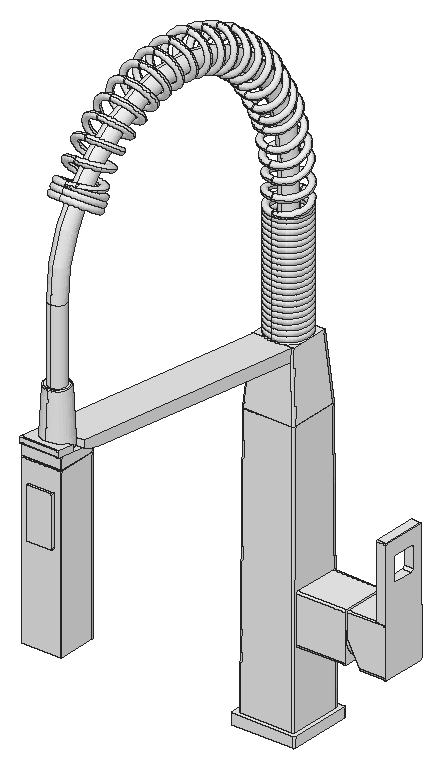
Revit family "xFaucet-Kitchen-Grohe-Eurocube-31401_Series", category Plumbing Fixtures, Revit 2014
Parameters (values of type "31401000")
  cUPC Compliant = yes
  Waste Connection = no
  Warranty Documentation Link = "https://cdn.cloud.grohe.com/tpi/1000/1900/1940/1949/1949006/original/1949006.pdf"
  WFU = 0
  Vent Connection = no
  URL = "http://www.grohe.com"
  Shipping Weight = 11.10 lbf
  Product Page URL = "https://www.grohe.com/us/32440/kitchen/kitchen-faucets/eurocube/product-details/?product=31401-G318&color=000&material=31401000"
  Price = "Prices may vary. Please consult Manufacturer Representative for most up-to-date price list."  # constant formula
  Model = "31401000"
  Material = "Metal-Grohe-000-Chrome"
  Manufacturer = "Grohe"
  Length = 9 3/16"  # constant formula
  Installation Type = "Deck-Mounted"
  Hot Water Connection Diameter = 3/8"  # constant formula
  Height = 21 9/16"  # constant formula
  HWFU = 1.5
  HW Connection = yes
  Flow Rate = "1.75 gpm (6.6 L/min)"
  Finish = Metal-Grohe-000-Chrome
  Description = "Eurocube Single-lever sink mixer 1/2\""
  Default Elevation = 0"
  Creation Date = "02/15/2017"  # constant formula
  Cold Water Connection Diameter = 3/8"
  CalGreen Compliant = yes
  CWFU = 1.5
  CW Connection = yes
  Assembly Code = "D2020300"
  ADA Compliant = yes
Reference planes (in)
  plane 1 "Center (Front/Back)": y = 0
  plane 2: z = 0
  plane 3 "Center (Left/Right)": x = 0
  plane 4: y = -9.1875
  plane 5: y = -8.9308
  plane 6: x = -0.87055
  plane 7: x = 0.87055
  plane 8: y = 0.875
  plane 9: x = -0.82682
  plane 10: x = 0.82682
  plane 11: x = -0.82682
  plane 12: x = -0.82682
  plane 13: y = 0.66934
  plane 14: y = -0.66934
  plane 15: y = -9.48198
  plane 16: y = 0.58287
  plane 17: y = -0.58859
  plane 18: y = -9.8125
  plane 19: y = -8.5625
  plane 20: y = -8.934
  plane 21: y = -9.441
  plane 22: z = 4.29134
  plane 23: z = 2.71654
  plane 24: z = 3.50116
  plane 25: y = -0.66415
  plane 26: y = 0.66415
  plane 27: z = 6.6753
  plane 28: z = 21.5625
  plane 29: y = -9.1875
  plane 30: z = 6.25
Forms (in)
  Revolve 1, solid, material "Metal-Grohe-000-Chrome" <- "Finish"
    sketch origin (0, 0, 0) x (0, 1, 0) y (0, 0, 1)
      loop
        line (-9.1875, 13.62712) -> (-9.54031, 13.62712)
        arc (-9.54031, 13.62712) -> (-9.55874, 13.61977) -> (-9.56704, 13.60175) r 0.02677
        line (-9.56704, 13.60175) -> (-9.65373, 11.94775)
        arc (-9.65373, 11.94775) -> (-9.64763, 11.93121) -> (-9.63143, 11.92425) r 0.02233
        line (-9.63143, 11.92425) -> (-9.1875, 11.92425) -> (-9.1875, 13.62712)
      loop
        line (-9.441, 6.25) -> (-9.1875, 6.25) -> (-9.1875, 7.46786) -> (-9.441, 7.46786) -> (-9.441, 6.25)
      axis (-9.1875, 13.62712) -> (-9.1875, 6.25)
    angle from 0 to 360
  Revolve 2, solid, material "Metal-Grohe-000-Chrome" <- "Finish"
    sketch origin (0, 0, 0) x (0, 1, 0) y (0, 0, 1)
      loop
        line (-0.65275, 11.07874) -> (-0.5023, 11.07874)
        arc (-0.5023, 11.07874) -> (-0.52172, 11.10016) -> (-0.54693, 11.11433) r 0.09019
        arc (-0.54693, 11.11433) -> (-0.48776, 11.19901) -> (-0.54693, 11.2837) r 0.09019
        arc (-0.54693, 11.2837) -> (-0.48776, 11.36838) -> (-0.54693, 11.45307) r 0.09019
        arc (-0.54693, 11.45307) -> (-0.48776, 11.53775) -> (-0.54693, 11.62244) r 0.09019
        arc (-0.54693, 11.62244) -> (-0.48776, 11.70712) -> (-0.54693, 11.7918) r 0.09019
        arc (-0.54693, 11.7918) -> (-0.48776, 11.87649) -> (-0.54693, 11.96117) r 0.09019
        arc (-0.54693, 11.96117) -> (-0.48776, 12.04586) -> (-0.54693, 12.13054) r 0.09019
        arc (-0.54693, 12.13054) -> (-0.48776, 12.21523) -> (-0.54693, 12.29991) r 0.09019
        arc (-0.54693, 12.29991) -> (-0.48776, 12.3846) -> (-0.54693, 12.46928) r 0.09019
        arc (-0.54693, 12.46928) -> (-0.48776, 12.55396) -> (-0.54693, 12.63865) r 0.09019
        arc (-0.54693, 12.63865) -> (-0.48776, 12.72333) -> (-0.54693, 12.80802) r 0.09019
        arc (-0.54693, 12.80802) -> (-0.48776, 12.8927) -> (-0.54693, 12.97739) r 0.09019
        arc (-0.54693, 12.97739) -> (-0.48776, 13.06207) -> (-0.54693, 13.14676) r 0.09019
        arc (-0.54693, 13.14676) -> (-0.48776, 13.23144) -> (-0.54693, 13.31613) r 0.09019
        arc (-0.54693, 13.31613) -> (-0.48776, 13.40081) -> (-0.54693, 13.48549) r 0.09019
        arc (-0.54693, 13.48549) -> (-0.48776, 13.57018) -> (-0.54693, 13.65486) r 0.09019
        arc (-0.54693, 13.65486) -> (-0.48776, 13.73955) -> (-0.54693, 13.82423) r 0.09019
        arc (-0.54693, 13.82423) -> (-0.48776, 13.90892) -> (-0.54693, 13.9936) r 0.09019
        arc (-0.54693, 13.9936) -> (-0.48776, 14.07829) -> (-0.54693, 14.16297) r 0.09019
        arc (-0.54693, 14.16297) -> (-0.48776, 14.24765) -> (-0.54693, 14.33234) r 0.09019
        arc (-0.54693, 14.33234) -> (-0.48776, 14.41702) -> (-0.54693, 14.50171) r 0.09019
        arc (-0.54693, 14.50171) -> (-0.49222, 14.55839) -> (-0.50292, 14.63643) r 0.09019
        arc (-0.50292, 14.63643) -> (-0.57671, 14.77791) -> (-0.6517, 14.63706) r 0.09019
        arc (-0.6517, 14.63706) -> (-0.66294, 14.55875) -> (-0.60812, 14.50171) r 0.09019
        arc (-0.60812, 14.50171) -> (-0.66728, 14.41702) -> (-0.60812, 14.33234) r 0.09019
        arc (-0.60812, 14.33234) -> (-0.66728, 14.24765) -> (-0.60812, 14.16297) r 0.09019
        arc (-0.60812, 14.16297) -> (-0.66728, 14.07829) -> (-0.60812, 13.9936) r 0.09019
        arc (-0.60812, 13.9936) -> (-0.66728, 13.90892) -> (-0.60812, 13.82423) r 0.09019
        arc (-0.60812, 13.82423) -> (-0.66728, 13.73955) -> (-0.60812, 13.65486) r 0.09019
        arc (-0.60812, 13.65486) -> (-0.66728, 13.57018) -> (-0.60812, 13.48549) r 0.09019
        arc (-0.60812, 13.48549) -> (-0.66728, 13.40081) -> (-0.60812, 13.31613) r 0.09019
        arc (-0.60812, 13.31613) -> (-0.66728, 13.23144) -> (-0.60812, 13.14676) r 0.09019
        arc (-0.60812, 13.14676) -> (-0.66728, 13.06207) -> (-0.60812, 12.97739) r 0.09019
        arc (-0.60812, 12.97739) -> (-0.66728, 12.8927) -> (-0.60812, 12.80802) r 0.09019
        arc (-0.60812, 12.80802) -> (-0.66728, 12.72333) -> (-0.60812, 12.63865) r 0.09019
        arc (-0.60812, 12.63865) -> (-0.66728, 12.55396) -> (-0.60812, 12.46928) r 0.09019
        arc (-0.60812, 12.46928) -> (-0.66728, 12.3846) -> (-0.60812, 12.29991) r 0.09019
        arc (-0.60812, 12.29991) -> (-0.66728, 12.21523) -> (-0.60812, 12.13054) r 0.09019
        arc (-0.60812, 12.13054) -> (-0.66728, 12.04586) -> (-0.60812, 11.96117) r 0.09019
        arc (-0.60812, 11.96117) -> (-0.66728, 11.87649) -> (-0.60812, 11.7918) r 0.09019
        arc (-0.60812, 11.7918) -> (-0.66728, 11.70712) -> (-0.60812, 11.62244) r 0.09019
        arc (-0.60812, 11.62244) -> (-0.66728, 11.53775) -> (-0.60812, 11.45307) r 0.09019
        arc (-0.60812, 11.45307) -> (-0.66728, 11.36838) -> (-0.60812, 11.2837) r 0.09019
        arc (-0.60812, 11.2837) -> (-0.66728, 11.19901) -> (-0.60812, 11.11433) r 0.09019
        arc (-0.60812, 11.11433) -> (-0.63332, 11.10016) -> (-0.65275, 11.07874) r 0.09019
      axis (0, 14.63706) -> (0, 11.07874)
    angle from 0 to 360
  Extrusion 3, solid, material "Metal-Grohe-000-Chrome" <- "Finish"
    sketch origin (0, 0, 0) x (1, 0, 0) y (0, 1, 0)
      loop
        arc (-0.96043, 1.01936) -> (-1.00459, 1.00107) -> (-1.02289, 0.9569) r 0.06246
        line (-1.02289, 0.9569) -> (-1.02289, -0.96391)
        arc (-1.02289, -0.96391) -> (-1.00458, -1.0081) -> (-0.96039, -1.02641) r 0.0625
        line (-0.96039, -1.02641) -> (0.96048, -1.02641)
        arc (0.96048, -1.02641) -> (1.00467, -1.0081) -> (1.02298, -0.96391) r 0.0625
        line (1.02298, -0.96391) -> (1.02289, 0.9569)
        arc (1.02289, 0.9569) -> (1.00459, 1.00107) -> (0.96043, 1.01936) r 0.06246
        line (0.96043, 1.01936) -> (-0.96043, 1.01936)
    from 0 to 0.31496
  Blend 4, solid, material "Metal-Grohe-000-Chrome" <- "Finish"
    base sketch origin (0, 0, 0) x (1, 0, 0) y (0, 1, 0)
      loop
        arc (-0.80633, 0.875) -> (-0.85174, 0.85619) -> (-0.87055, 0.81079) r 0.06421
        line (-0.87055, 0.81079) -> (-0.87055, -0.81144)
        arc (-0.87055, -0.81144) -> (-0.85193, -0.85638) -> (-0.80699, -0.875) r 0.06356
        line (-0.80699, -0.875) -> (0.80662, -0.875)
        arc (0.80662, -0.875) -> (0.85182, -0.85628) -> (0.87055, -0.81107) r 0.06393
        line (0.87055, -0.81107) -> (0.87055, 0.81101)
        arc (0.87055, 0.81101) -> (0.85181, 0.85626) -> (0.80656, 0.875) r 0.06399
        line (0.80656, 0.875) -> (-0.80633, 0.875)
    top sketch origin (0, 0, 0) x (1, 0, 0) y (0, 1, 0)
      loop
        arc (-0.76432, 0.81079) -> (-0.80852, 0.79248) -> (-0.82682, 0.74829) r 0.0625
        line (-0.82682, 0.74829) -> (-0.82682, -0.74894)
        arc (-0.82682, -0.74894) -> (-0.80852, -0.79313) -> (-0.76432, -0.81144) r 0.0625
        line (-0.76432, -0.81144) -> (0.76432, -0.81144)
        arc (0.76432, -0.81144) -> (0.80852, -0.79313) -> (0.82682, -0.74894) r 0.0625
        line (0.82682, -0.74894) -> (0.82682, 0.74829)
        arc (0.82682, 0.74829) -> (0.80852, 0.79248) -> (0.76432, 0.81079) r 0.0625
        line (0.76432, 0.81079) -> (-0.76432, 0.81079)
    from 0.11873 to 8.97638
  Blend 5, solid, material "Metal-Grohe-000-Chrome" <- "Finish"
    base sketch origin (0, 0, 0) x (1, 0, 0) y (0, 1, 0)
      loop
        line (0.76432, 0.81079) -> (-0.76432, 0.81079)
        arc (-0.76432, 0.81079) -> (-0.80852, 0.79248) -> (-0.82682, 0.74829) r 0.0625
        line (-0.82682, 0.74829) -> (-0.82682, -0.74894)
        arc (-0.82682, -0.74894) -> (-0.80852, -0.79313) -> (-0.76432, -0.81144) r 0.0625
        line (-0.76432, -0.81144) -> (0.76432, -0.81144)
        arc (0.76432, -0.81144) -> (0.80852, -0.79313) -> (0.82682, -0.74894) r 0.0625
        line (0.82682, -0.74894) -> (0.82682, 0.74829)
        arc (0.82682, 0.74829) -> (0.80852, 0.79248) -> (0.76432, 0.81079) r 0.0625
    top sketch origin (0, 0, 0) x (1, 0, 0) y (0, 1, 0)
      loop
        arc (-0.59375, 0.66934) -> (-0.63794, 0.65104) -> (-0.65625, 0.60684) r 0.0625
        line (-0.65625, 0.60684) -> (-0.65625, -0.60684)
        arc (-0.65625, -0.60684) -> (-0.63794, -0.65104) -> (-0.59375, -0.66934) r 0.0625
        line (-0.59375, -0.66934) -> (0.59479, -0.66934)
        arc (0.59479, -0.66934) -> (0.63825, -0.65134) -> (0.65625, -0.60788) r 0.06146
        line (0.65625, -0.60788) -> (0.65625, 0.60684)
        arc (0.65625, 0.60684) -> (0.63794, 0.65104) -> (0.59375, 0.66934) r 0.0625
        line (0.59375, 0.66934) -> (-0.59375, 0.66934)
    from 9 to 11.07874
  Extrusion 6, solid, material "Metal-Grohe-000-Chrome" <- "Finish"
    sketch origin (0, 0, 0) x (1, 0, 0) y (0, 1, 0)
      loop
        line (-0.74476, 0.7451) -> (-0.74476, -0.75) -> (0.75524, -0.75) -> (0.75524, 0.7451) -> (-0.74476, 0.7451)
    from 8.8842 to 9.12494
  Extrusion 7, solid, material "Metal-Grohe-000-Chrome" <- "Finish"
    sketch origin (0, 0, 0.3283) x (0, 1, 0) y (0, 0, 1)
      loop
        arc (-9.87211, 11.88982) -> (-9.88638, 11.88538) -> (-9.89252, 11.87176) r 0.0182
        line (-9.89252, 11.87176) -> (-9.89252, 11.71727)
        arc (-9.89252, 11.71727) -> (-9.88531, 11.6982) -> (-9.86735, 11.6881) r 0.02883
        line (-9.86735, 11.6881) -> (-8.94879, 11.57305)
        arc (-8.94879, 11.57305) -> (-8.62915, 11.41949) -> (-8.28407, 11.33784) r 1.6487
        line (-8.28407, 11.33784) -> (-0.00714, 10.30113) -> (-0.00714, 10.67855) -> (-9.87211, 11.88982)
    from -0.6119 to 0.6119
  Sweep 8, solid, material "Metal-Grohe-000-Chrome" <- "Finish"
    path origin (0, 0, 0.27001) x (0, 1, 0) y (0, 0, 1)
      loop
        line (0, 10.5) -> (0, 15.71552)
        arc (0, 15.71552) -> (-4.59375, 20.30927) -> (-9.1875, 15.71552) r 4.59375
        line (-9.1875, 15.71552) -> (-9.1875, 13.02559)
    profile origin (0, 0, 13.37777) x (0, -1, 0) y (1, 0, 0)
      loop
        circle (0, 0) r 0.26576
  Sweep 9, solid, material "Metal-Grohe-000-Chrome" <- "Finish"
    path origin (0, -3.24598, 0.98352) x (-1, 0, 0) y (0, -0.97437, 0.224951)
      loop
        arc (0, -0.59705) -> (0.59705, 0) -> (0, 0.59705) r 0.59705
    profile origin (-0.59705, -3.24598, 0.98352) x (1, 0, 0) y (0, 0.224951, 0.97437)
      loop
        circle (-0.00408, 14.41702) r 0.08874
  Sweep 10, solid, material "Metal-Grohe-000-Chrome" <- "Finish"
    path origin (0, 2.50608, 1.07176) x (1, 0, 0) y (0, 0.984808, 0.173648)
      loop
        arc (0, 0.59705) -> (0.59705, 0) -> (0, -0.59705) r 0.59705
    profile origin (0.59705, 2.50608, 1.07176) x (1, 0, 0) y (0, -0.173648, 0.984808)
      loop
        circle (0.00408, 14.41702) r 0.08874
  Sweep 11, solid, material "Metal-Grohe-000-Chrome" <- "Finish"
    path origin (0, 2.49433, 0.59126) x (1, 0, 0) y (0, 0.984808, 0.173648)
      loop
        arc (0, 0.59705) -> (0.58525, 0.0118) -> (0, -0.57345) r 0.58525
    profile origin (0.58525, 2.50595, 0.59331) x (1, 0, 0) y (0, -0.173648, 0.984808)
      loop
        circle (0.00408, 14.41702) r 0.08874
  Sweep 12, solid, material "Metal-Grohe-000-Chrome" <- "Finish"
    path origin (0, -3.23461, 1.46185) x (-1, 0, 0) y (0, -0.97437, 0.224951)
      loop
        arc (0, -0.59705) -> (0.59705, 0) -> (0, 0.59705) r 0.59705
    profile origin (-0.59705, -3.23461, 1.46185) x (1, 0, 0) y (0, 0.224951, 0.97437)
      loop
        circle (-0.00408, 14.41702) r 0.08874
  Sweep 13, solid, material "Metal-Grohe-000-Chrome" <- "Finish"
    path origin (0, 5.83584, 2.71879) x (1, 0, 0) y (0, 0.913545, 0.406737)
      loop
        arc (0, 0.59705) -> (0.59705, 0) -> (0, -0.59705) r 0.59705
    profile origin (0.59705, 5.83584, 2.71879) x (1, 0, 0) y (0, -0.406737, 0.913545)
      loop
        circle (0.00408, 14.41702) r 0.08874
  Sweep 14, solid, material "Metal-Grohe-000-Chrome" <- "Finish"
    path origin (0, -0.08485, 1.71664) x (-1, 0, 0) y (0, -1, 0.000356)
      loop
        arc (0, -0.59705) -> (0.59705, 0) -> (0, 0.59705) r 0.59705
    profile origin (-0.59705, -0.08485, 1.71664) x (1, 0, 0) y (0, 0.000356, 1)
      loop
        circle (-0.00408, 14.41702) r 0.08874
  Sweep 15, solid, material "Metal-Grohe-000-Chrome" <- "Finish"
    path origin (0, 5.73226, 3.20691) x (1, 0, 0) y (0, 0.913545, 0.406737)
      loop
        arc (0, 0.59705) -> (0.59705, 0) -> (0, -0.59705) r 0.59705
    profile origin (0.59705, 5.73226, 3.20691) x (1, 0, 0) y (0, -0.406737, 0.913545)
      loop
        circle (0.00408, 14.41702) r 0.08874
  Sweep 16, solid, material "Metal-Grohe-000-Chrome" <- "Finish"
    path origin (0, -0.18864, 2.20618) x (-1, 0, 0) y (0, -1, 0.000356)
      loop
        arc (0, -0.59705) -> (0.59705, 0) -> (0, 0.59705) r 0.59705
    profile origin (-0.59705, -0.18864, 2.20618) x (1, 0, 0) y (0, 0.000356, 1)
      loop
        circle (-0.00408, 14.41702) r 0.08874
  Sweep 17, solid, material "Metal-Grohe-000-Chrome" <- "Finish"
    path origin (0, -0.36194, 2.82364) x (-1, 0, 0) y (0, -1, 0.000356)
      loop
        arc (0, -0.59705) -> (0.59705, 0) -> (0, 0.59705) r 0.59705
    profile origin (-0.59705, -0.36194, 2.82364) x (1, 0, 0) y (0, 0.000356, 1)
      loop
        circle (-0.00408, 14.41702) r 0.08874
  Sweep 18, solid, material "Metal-Grohe-000-Chrome" <- "Finish"
    path origin (0, 6.98258, 5.19283) x (1, 0, 0) y (0, 0.857167, 0.515038)
      loop
        arc (0, 0.59705) -> (0.59705, 0) -> (0, -0.59705) r 0.59705
    profile origin (0.59705, 6.98258, 5.19283) x (1, 0, 0) y (0, -0.515038, 0.857167)
      loop
        circle (0.00408, 14.41702) r 0.08874
  Sweep 19, solid, material "Metal-Grohe-000-Chrome" <- "Finish"
    path origin (0, 2.72423, 3.67637) x (-1, 0, 0) y (0, -0.97445, -0.224604)
      loop
        arc (0, -0.59705) -> (0.59705, 0) -> (0, 0.59705) r 0.59705
    profile origin (-0.59705, 2.72423, 3.67637) x (1, 0, 0) y (0, -0.224604, 0.97445)
      loop
        circle (-0.00408, 14.41702) r 0.08874
  Sweep 20, solid, material "Metal-Grohe-000-Chrome" <- "Finish"
    path origin (0, 3.43175, 4.42637) x (-1, 0, 0) y (0, -0.956409, -0.292031)
      loop
        arc (0, -0.59705) -> (0.59705, 0) -> (0, 0.59705) r 0.59705
    profile origin (-0.59705, 3.43175, 4.42637) x (1, 0, 0) y (0, -0.292031, 0.956409)
      loop
        circle (-0.00408, 14.41702) r 0.08874
  Sweep 21, solid, material "Metal-Grohe-000-Chrome" <- "Finish"
    path origin (0, 7.15416, 4.57434) x (1, 0, 0) y (0, 0.857167, 0.515038)
      loop
        arc (0, 0.59705) -> (0.59705, 0) -> (0, -0.59705) r 0.59705
    profile origin (0.59705, 7.15416, 4.57434) x (1, 0, 0) y (0, -0.515038, 0.857167)
      loop
        circle (0.00408, 14.41702) r 0.08874
  Sweep 22, solid, material "Metal-Grohe-000-Chrome" <- "Finish"
    path origin (0, 8.95629, 7.24153) x (1, 0, 0) y (0, 0.745558, 0.66644)
      loop
        arc (0, 0.59705) -> (0.59705, 0) -> (0, -0.59705) r 0.59705
    profile origin (0.59705, 8.95629, 7.24153) x (1, 0, 0) y (0, -0.66644, 0.745558)
      loop
        circle (0.00408, 14.41702) r 0.08874
  Sweep 23, solid, material "Metal-Grohe-000-Chrome" <- "Finish"
    path origin (0, 9.2658, 8.26974) x (1, 0, 0) y (0, 0.707107, 0.707107)
      loop
        arc (0, 0.59705) -> (0.59705, 0) -> (0, -0.59705) r 0.59705
    profile origin (0.59705, 9.2658, 8.26974) x (1, 0, 0) y (0, -0.707107, 0.707107)
      loop
        circle (0.00408, 14.41702) r 0.08874
  Sweep 24, solid, material "Metal-Grohe-000-Chrome" <- "Finish"
    path origin (0, 3.13194, 4.92502) x (-1, 0, 0) y (0, -0.956409, -0.292031)
      loop
        arc (0, -0.59705) -> (0.59705, 0) -> (0, 0.59705) r 0.59705
    profile origin (-0.59705, 3.13194, 4.92502) x (1, 0, 0) y (0, -0.292031, 0.956409)
      loop
        circle (-0.00408, 14.41702) r 0.08874
  Sweep 25, solid, material "Metal-Grohe-000-Chrome" <- "Finish"
    path origin (0, 8.96624, 8.76872) x (1, 0, 0) y (0, 0.707107, 0.707107)
      loop
        arc (0, 0.59705) -> (0.59705, 0) -> (0, -0.59705) r 0.59705
    profile origin (0.59705, 8.96624, 8.76872) x (1, 0, 0) y (0, -0.707107, 0.707107)
      loop
        circle (0.00408, 14.41702) r 0.08874
  Sweep 26, solid, material "Metal-Grohe-000-Chrome" <- "Finish"
    path origin (0, 4.27118, 5.88036) x (-1, 0, 0) y (0, -0.920644, -0.390403)
      loop
        arc (0, -0.59705) -> (0.59705, 0) -> (0, 0.59705) r 0.59705
    profile origin (-0.59705, 4.27118, 5.88036) x (1, 0, 0) y (0, -0.390403, 0.920644)
      loop
        circle (-0.00408, 14.41702) r 0.08874
  Sweep 27, solid, material "Metal-Grohe-000-Chrome" <- "Finish"
    path origin (0, 10.50756, 11.5708) x (1, 0, 0) y (0, 0.544639, 0.838671)
      loop
        arc (0, 0.59705) -> (0.59705, 0) -> (0, -0.59705) r 0.59705
    profile origin (0.59705, 10.50756, 11.5708) x (1, 0, 0) y (0, -0.838671, 0.544639)
      loop
        circle (0.00408, 14.41702) r 0.08874
  Sweep 28, solid, material "Metal-Grohe-000-Chrome" <- "Finish"
    path origin (0, 6.08704, 7.50485) x (-1, 0, 0) y (0, -0.838865, -0.54434)
      loop
        arc (0, -0.59705) -> (0.59705, 0) -> (0, 0.59705) r 0.59705
    profile origin (-0.59705, 6.08704, 7.50485) x (1, 0, 0) y (0, -0.54434, 0.838865)
      loop
        circle (-0.00408, 14.41702) r 0.08874
  Sweep 29, solid, material "Metal-Grohe-000-Chrome" <- "Finish"
    path origin (0, 10.74649, 13.03336) x (1, 0, 0) y (0, 0.469472, 0.882948)
      loop
        arc (0, 0.59705) -> (0.59705, 0) -> (0, -0.59705) r 0.59705
    profile origin (0.59705, 10.74649, 13.03336) x (1, 0, 0) y (0, -0.882948, 0.469472)
      loop
        circle (0.00408, 14.41702) r 0.08874
  Sweep 30, solid, material "Metal-Grohe-000-Chrome" <- "Finish"
    path origin (0, 6.79288, 8.66759) x (-1, 0, 0) y (0, -0.783161, -0.621819)
      loop
        arc (0, -0.59705) -> (0.59705, 0) -> (0, 0.59705) r 0.59705
    profile origin (-0.59705, 6.79288, 8.66759) x (1, 0, 0) y (0, -0.621819, 0.783161)
      loop
        circle (-0.00408, 14.41702) r 0.08874
  Sweep 31, solid, material "Metal-Grohe-000-Chrome" <- "Finish"
    path origin (0, 10.94938, 14.7407) x (1, 0, 0) y (0, 0.374607, 0.927184)
      loop
        arc (0, 0.59705) -> (0.59705, 0) -> (0, -0.59705) r 0.59705
    profile origin (0.59705, 10.94938, 14.7407) x (1, 0, 0) y (0, -0.927184, 0.374607)
      loop
        circle (0.00408, 14.41702) r 0.08874
  Sweep 32, solid, material "Metal-Grohe-000-Chrome" <- "Finish"
    path origin (0, 7.4743, 9.98614) x (-1, 0, 0) y (0, -0.713873, -0.700275)
      loop
        arc (0, -0.59705) -> (0.59705, 0) -> (0, 0.59705) r 0.59705
    profile origin (-0.59705, 7.4743, 9.98614) x (1, 0, 0) y (0, -0.700275, 0.713873)
      loop
        circle (-0.00408, 14.41702) r 0.08874
  Sweep 33, solid, material "Metal-Grohe-000-Chrome" <- "Finish"
    path origin (0, 11.08324, 16.95217) x (1, 0, 0) y (0, 0.241922, 0.970296)
      loop
        arc (0, 0.59705) -> (0.59705, 0) -> (0, -0.59705) r 0.59705
    profile origin (0.59705, 11.08324, 16.95217) x (1, 0, 0) y (0, -0.970296, 0.241922)
      loop
        circle (0.00408, 14.41702) r 0.08874
  Sweep 34, solid, material "Metal-Grohe-000-Chrome" <- "Finish"
    path origin (0, 8.77337, 12.35169) x (-1, 0, 0) y (0, -0.567138, -0.823623)
      loop
        arc (0, -0.59705) -> (0.59705, 0) -> (0, 0.59705) r 0.59705
    profile origin (-0.59705, 8.77337, 12.35169) x (1, 0, 0) y (0, -0.823623, 0.567138)
      loop
        circle (-0.00408, 14.41702) r 0.08874
  Sweep 35, solid, material "Metal-Grohe-000-Chrome" <- "Finish"
    path origin (0, 10.98193, 19.62721) x (1, 0, 0) y (0, 0.069756, 0.997564)
      loop
        arc (0, 0.59705) -> (0.59705, 0) -> (0, -0.59705) r 0.59705
    profile origin (0.59705, 10.98193, 19.62721) x (1, 0, 0) y (0, -0.997564, 0.069756)
      loop
        circle (0.00408, 14.41702) r 0.08874
  Sweep 36, solid, material "Metal-Grohe-000-Chrome" <- "Finish"
    path origin (0, 9.01838, 13.81384) x (-1, 0, 0) y (0, -0.477939, -0.878393)
      loop
        arc (0, -0.59705) -> (0.59705, 0) -> (0, 0.59705) r 0.59705
    profile origin (-0.59705, 9.01838, 13.81384) x (1, 0, 0) y (0, -0.878393, 0.477939)
      loop
        circle (-0.00408, 14.41702) r 0.08874
  Sweep 37, solid, material "Metal-Grohe-000-Chrome" <- "Finish"
    path origin (0, 10.48388, 20.76922) x (1, 0, 0) y (0, 0.000585, 1)
      loop
        arc (0, 0.59705) -> (0.59705, 0) -> (0, -0.59705) r 0.59705
    profile origin (0.59705, 10.48388, 20.76922) x (1, 0, 0) y (0, -1, 0.000585)
      loop
        circle (0.00408, 14.41702) r 0.08874
  Sweep 38, solid, material "Metal-Grohe-000-Chrome" <- "Finish"
    path origin (0, 9.35559, 15.75473) x (-1, 0, 0) y (0, -0.35104, -0.936361)
      loop
        arc (0, -0.59705) -> (0.59705, 0) -> (0, 0.59705) r 0.59705
    profile origin (-0.59705, 9.35559, 15.75473) x (1, 0, 0) y (0, -0.936361, 0.35104)
      loop
        circle (-0.00408, 14.41702) r 0.08874
  Sweep 39, solid, material "Metal-Grohe-000-Chrome" <- "Finish"
    path origin (0, 9.49081, 24.31564) x (1, 0, 0) y (0, -0.241354, 0.970437)
      loop
        arc (0, 0.59705) -> (0.59705, 0) -> (0, -0.59705) r 0.59705
    profile origin (0.59705, 9.49081, 24.31564) x (1, 0, 0) y (0, -0.970437, -0.241354)
      loop
        circle (0.00408, 14.41702) r 0.08874
  Sweep 40, solid, material "Metal-Grohe-000-Chrome" <- "Finish"
    path origin (0, 9.41798, 18.18812) x (-1, 0, 0) y (0, -0.183109, -0.983093)
      loop
        arc (0, -0.59705) -> (0.59705, 0) -> (0, 0.59705) r 0.59705
    profile origin (-0.59705, 9.41798, 18.18812) x (1, 0, 0) y (0, -0.983093, 0.183109)
      loop
        circle (-0.00408, 14.41702) r 0.08874
  Sweep 41, solid, material "Metal-Grohe-000-Chrome" <- "Finish"
    path origin (0, 8.57372, 25.49165) x (1, 0, 0) y (0, -0.325015, 0.945709)
      loop
        arc (0, 0.59705) -> (0.59705, 0) -> (0, -0.59705) r 0.59705
    profile origin (0.59705, 8.57372, 25.49165) x (1, 0, 0) y (0, -0.945709, -0.325015)
      loop
        circle (0.00408, 14.41702) r 0.08874
  Sweep 42, solid, material "Metal-Grohe-000-Chrome" <- "Finish"
    path origin (0, 9.08227, 19.75192) x (-1, 0, 0) y (0, -0.070938, -0.997481)
      loop
        arc (0, -0.59705) -> (0.59705, 0) -> (0, 0.59705) r 0.59705
    profile origin (-0.59705, 9.08227, 19.75192) x (1, 0, 0) y (0, -0.997481, 0.070938)
      loop
        circle (-0.00408, 14.41702) r 0.08874
  Sweep 43, solid, material "Metal-Grohe-000-Chrome" <- "Finish"
    path origin (0, 7.45506, 26.84468) x (1, 0, 0) y (0, -0.424887, 0.905246)
      loop
        arc (0, 0.59705) -> (0.59705, 0) -> (0, -0.59705) r 0.59705
    profile origin (0.59705, 7.45506, 26.84468) x (1, 0, 0) y (0, -0.905246, -0.424887)
      loop
        circle (0.00408, 14.41702) r 0.08874
  Sweep 44, solid, material "Metal-Grohe-000-Chrome" <- "Finish"
    path origin (0, 8.577, 21.40004) x (-1, 0, 0) y (0, 0.051153, -0.998691)
      loop
        arc (0, -0.59705) -> (0.59705, 0) -> (0, 0.59705) r 0.59705
    profile origin (-0.59705, 8.577, 21.40004) x (1, 0, 0) y (0, -0.998691, -0.051153)
      loop
        circle (-0.00408, 14.41702) r 0.08874
  Sweep 45, solid, material "Metal-Grohe-000-Chrome" <- "Finish"
    path origin (0, 5.95212, 28.44804) x (1, 0, 0) y (0, -0.546738, 0.837304)
      loop
        arc (0, 0.59705) -> (0.59705, 0) -> (0, -0.59705) r 0.59705
    profile origin (0.59705, 5.95212, 28.44804) x (1, 0, 0) y (0, -0.837304, -0.546738)
      loop
        circle (0.00408, 14.41702) r 0.08874
  Sweep 46, solid, material "Metal-Grohe-000-Chrome" <- "Finish"
    path origin (0, 7.85664, 22.96337) x (-1, 0, 0) y (0, 0.172481, -0.985013)
      loop
        arc (0, -0.59705) -> (0.59705, 0) -> (0, 0.59705) r 0.59705
    profile origin (-0.59705, 7.85664, 22.96337) x (1, 0, 0) y (0, -0.985013, -0.172481)
      loop
        circle (-0.00408, 14.41702) r 0.08874
  Sweep 47, solid, material "Metal-Grohe-000-Chrome" <- "Finish"
    path origin (0, 4.56131, 29.45147) x (1, 0, 0) y (0, -0.631265, 0.775567)
      loop
        arc (0, 0.59705) -> (0.59705, 0) -> (0, -0.59705) r 0.59705
    profile origin (0.59705, 4.56131, 29.45147) x (1, 0, 0) y (0, -0.775567, -0.631265)
      loop
        circle (0.00408, 14.41702) r 0.08874
  Sweep 48, solid, material "Metal-Grohe-000-Chrome" <- "Finish"
    path origin (0, 7.02875, 24.19607) x (-1, 0, 0) y (0, 0.274498, -0.961588)
      loop
        arc (0, -0.59705) -> (0.59705, 0) -> (0, 0.59705) r 0.59705
    profile origin (-0.59705, 7.02875, 24.19607) x (1, 0, 0) y (0, -0.961588, -0.274498)
      loop
        circle (-0.00408, 14.41702) r 0.08874
  Sweep 49, solid, material "Metal-Grohe-000-Chrome" <- "Finish"
    path origin (0, 3.09978, 30.28008) x (1, 0, 0) y (0, -0.707108, 0.707106)
      loop
        arc (0, 0.59705) -> (0.59705, 0) -> (0, -0.59705) r 0.59705
    profile origin (0.59705, 3.09978, 30.28008) x (1, 0, 0) y (0, -0.707106, -0.707108)
      loop
        circle (0.00408, 14.41702) r 0.08874
  Sweep 50, solid, material "Metal-Grohe-000-Chrome" <- "Finish"
    path origin (0, 5.90174, 25.80954) x (-1, 0, 0) y (0, 0.405654, -0.914027)
      loop
        arc (0, -0.59705) -> (0.59705, 0) -> (0, 0.59705) r 0.59705
    profile origin (-0.59705, 5.90174, 25.80954) x (1, 0, 0) y (0, -0.914027, -0.405654)
      loop
        circle (-0.00408, 14.41702) r 0.08874
  Sweep 51, solid, material "Metal-Grohe-000-Chrome" <- "Finish"
    path origin (0, 0.95567, 31.42921) x (1, 0, 0) y (0, -0.809018, 0.587784)
      loop
        arc (0, 0.59705) -> (0.59705, 0) -> (0, -0.59705) r 0.59705
    profile origin (0.59705, 0.95567, 31.42921) x (1, 0, 0) y (0, -0.587784, -0.809018)
      loop
        circle (0.00408, 14.41702) r 0.08874
  Sweep 52, solid, material "Metal-Grohe-000-Chrome" <- "Finish"
    path origin (0, 4.42249, 27.45203) x (-1, 0, 0) y (0, 0.543645, -0.839315)
      loop
        arc (0, -0.59705) -> (0.59705, 0) -> (0, 0.59705) r 0.59705
    profile origin (-0.59705, 4.42249, 27.45203) x (1, 0, 0) y (0, -0.839315, -0.543645)
      loop
        circle (-0.00408, 14.41702) r 0.08874
  Sweep 53, solid, material "Metal-Grohe-000-Chrome" <- "Finish"
    path origin (0, -1.3418, 32.22878) x (1, 0, 0) y (0, -0.891007, 0.45399)
      loop
        arc (0, 0.59705) -> (0.59705, 0) -> (0, -0.59705) r 0.59705
    profile origin (0.59705, -1.3418, 32.22878) x (1, 0, 0) y (0, -0.45399, -0.891007)
      loop
        circle (0.00408, 14.41702) r 0.08874
  Sweep 54, solid, material "Metal-Grohe-000-Chrome" <- "Finish"
    path origin (0, 3.01834, 28.44897) x (-1, 0, 0) y (0, 0.64188, -0.766805)
      loop
        arc (0, -0.59705) -> (0.59705, 0) -> (0, 0.59705) r 0.59705
    profile origin (-0.59705, 3.01834, 28.44897) x (1, 0, 0) y (0, -0.766805, -0.64188)
      loop
        circle (-0.00408, 14.41702) r 0.08874
  Sweep 55, solid, material "Metal-Grohe-000-Chrome" <- "Finish"
    path origin (0, -3.52581, 32.56172) x (1, 0, 0) y (0, -0.945519, 0.325567)
      loop
        arc (0, 0.59705) -> (0.59705, 0) -> (0, -0.59705) r 0.59705
    profile origin (0.59705, -3.52581, 32.56172) x (1, 0, 0) y (0, -0.325567, -0.945519)
      loop
        circle (0.00408, 14.41702) r 0.08874
  Revolve 56, solid, material "Metal-Grohe-000-Chrome" <- "Finish"
    sketch origin (0, 0, 0.27001) x (0, 1, 0) y (0, 0, 1)
      loop
        arc (-8.83897, 18.78327) -> (-8.9626, 18.76176) -> (-8.94109, 18.63812) r 0.08874
        arc (-8.94109, 18.63812) -> (-9.06472, 18.61661) -> (-9.04321, 18.49297) r 0.08874
        line (-9.04321, 18.49297) -> (-9.00606, 18.46684)
        arc (-9.00606, 18.46684) -> (-8.89244, 18.49659) -> (-8.90281, 18.61359) r 0.09099
        arc (-8.90281, 18.61359) -> (-8.79512, 18.64895) -> (-8.80662, 18.76171) r 0.0904
        arc (-8.80662, 18.76171) -> (-8.69893, 18.79707) -> (-8.71042, 18.90983) r 0.0904
        line (-8.71042, 18.90983) -> (-8.73685, 18.92842)
        arc (-8.73685, 18.92842) -> (-8.86048, 18.90691) -> (-8.83897, 18.78327) r 0.08874
      axis (-8.20137, 18.58068) -> (-8.49207, 18.13305)
    angle from 0 to 360
  Extrusion 57, solid, material "Metal-Grohe-000-Chrome" <- "Finish"
    sketch origin (0, 0, 0) x (1, 0, 0) y (0, 1, 0)
      loop
        arc (0.63189, -8.58469) -> (0.62539, -8.569) -> (0.6097, -8.5625) r 0.02219
        line (0.6097, -8.5625) -> (-0.6097, -8.5625)
        arc (-0.6097, -8.5625) -> (-0.62539, -8.569) -> (-0.63189, -8.58469) r 0.02219
        line (-0.63189, -8.58469) -> (-0.63189, -9.79031)
        arc (-0.63189, -9.79031) -> (-0.62539, -9.806) -> (-0.6097, -9.8125) r 0.02219
        line (-0.6097, -9.8125) -> (0.6097, -9.8125)
        arc (0.6097, -9.8125) -> (0.62539, -9.806) -> (0.63189, -9.79031) r 0.02219
        line (0.63189, -9.79031) -> (0.63189, -8.58469)
    from 6.31062 to 12
  Extrusion 58, void
    sketch origin (0, 0, 0) x (0, 1, 0) y (0, 0, 1)
      loop
        arc (-8.94879, 11.90136) -> (-8.73952, 11.79138) -> (-8.51667, 11.71247) r 1.6487
        line (-8.51667, 11.71247) -> (-8.51667, 12.01641) -> (-9.86735, 12.01641) -> (-8.94879, 11.90136)
    from -2.2261 to 2.38184
  Extrusion 59, void
    sketch origin (0, 0, 0) x (1, 0, 0) y (0, 1, 0)
      loop
        line (0.63189, -9.8125) -> (0.63189, -8.5625) -> (-0.63189, -8.5625) -> (-0.63189, -9.8125) -> (0.63189, -9.8125)
      loop
        line (0.59283, -8.60156) -> (-0.59283, -8.60156) -> (-0.59283, -9.77344) -> (0.59283, -9.77344) -> (0.59283, -8.60156)
    from 11.60984 to 11.65285
  Extrusion 60, solid, material "Metal-Grohe-000-Chrome" <- "Finish"
    sketch origin (0, 0, 0) x (1, 0, 0) y (0, 0, 1)
      loop
        line (-0.40163, 10.90147) -> (-0.40163, 9.36218)
        arc (-0.40163, 9.36218) -> (-0.3946, 9.34522) -> (-0.37764, 9.33819) r 0.02398
        line (-0.37764, 9.33819) -> (0.37761, 9.33819)
        arc (0.37761, 9.33819) -> (0.39454, 9.34521) -> (0.40156, 9.36214) r 0.02395
        line (0.40156, 9.36214) -> (0.40156, 10.90384)
        arc (0.40156, 10.90384) -> (0.3928, 10.92157) -> (0.37437, 10.92874) r 0.02729
        line (0.37437, 10.92874) -> (-0.37435, 10.92874)
        arc (-0.37435, 10.92874) -> (-0.39364, 10.92075) -> (-0.40163, 10.90147) r 0.02727
    from 9.45407 to 9.90725
  Revolve 61, solid, material "Metal-Grohe-000-Chrome" <- "Finish"
    sketch origin (-0.01562, 0, 0) x (1, 0, 0) y (0, 0, 1)
      loop
        line (2.40152, 4.23102) -> (2.2836, 4.23102) -> (2.2836, 3.50116) -> (2.86307, 3.50116)
        arc (2.86307, 3.50116) -> (2.74127, 3.935) -> (2.40152, 4.23102) r 0.78746
      axis (2.86307, 3.50116) -> (2.2836, 3.50116)
    angle from 0 to 360
  Extrusion 62, void
    sketch origin (0, 0, 0) x (1, 0, 0) y (0, 1, 0)
      loop
        line (0, -8.94109) -> (0, -9.45326)
        arc (0, -9.45326) -> (0.35869, -9.39455) -> (0.70681, -9.29008) r 2.81269
        line (0.70681, -9.29008) -> (0.70681, -8.78656)
        arc (0.70681, -8.78656) -> (0.36538, -8.91861) -> (0, -8.94109) r 1.19491
    from 11.2837 to 12.25654
  Blend 63, solid, material "Metal-Grohe-000-Chrome" <- "Finish"
    base sketch origin (0, 0, 0) x (0, 1, 0) y (0, 0, 1)
      loop
        line (-0.77148, 4.23102) -> (-0.77148, 2.77513)
        arc (-0.77148, 2.77513) -> (-0.75432, 2.7337) -> (-0.71289, 2.71654) r 0.05859
        line (-0.71289, 2.71654) -> (0.71387, 2.71654)
        arc (0.71387, 2.71654) -> (0.7553, 2.7337) -> (0.77246, 2.77513) r 0.05859
        line (0.77246, 2.77513) -> (0.77246, 4.23102)
        arc (0.77246, 4.23102) -> (0.7548, 4.27367) -> (0.71215, 4.29134) r 0.06032
        line (0.71215, 4.29134) -> (-0.71117, 4.29134)
        arc (-0.71117, 4.29134) -> (-0.75382, 4.27367) -> (-0.77148, 4.23102) r 0.06032
    top sketch origin (0, 0, 0) x (0, 1, 0) y (0, 0, 1)
      loop
        arc (-0.65553, 4.29134) -> (-0.68372, 4.27966) -> (-0.6954, 4.25147) r 0.03987
        line (-0.6954, 4.25147) -> (-0.6954, 2.77513)
        arc (-0.6954, 2.77513) -> (-0.67823, 2.7337) -> (-0.6368, 2.71654) r 0.05859
        line (-0.6368, 2.71654) -> (0.6368, 2.71654)
        arc (0.6368, 2.71654) -> (0.67823, 2.7337) -> (0.6954, 2.77513) r 0.05859
        line (0.6954, 2.77513) -> (0.6954, 4.25228)
        arc (0.6954, 4.25228) -> (0.68395, 4.2799) -> (0.65633, 4.29134) r 0.03906
        line (0.65633, 4.29134) -> (-0.65553, 4.29134)
    from 0.49278 to 3.98157
  Extrusion 64, void
    sketch origin (0, 0, 0) x (1, 0, 0) y (0, 0, 1)
      loop
        line (3.36967, 6.62045) -> (3.64707, 6.62045)
        arc (3.64707, 6.62045) -> (3.66366, 6.61358) -> (3.67053, 6.59699) r 0.02346
        line (3.67053, 6.59699) -> (3.67053, 2.12045) -> (4.14678, 2.02888) -> (4.05843, 7.09044) -> (3.34621, 7.09044) -> (3.34621, 6.59699)
        arc (3.34621, 6.59699) -> (3.35308, 6.61358) -> (3.36967, 6.62045) r 0.02346
      loop
        line (2.47103, 3.50394) -> (2.47103, 4.59109) -> (2.40152, 4.59109) -> (2.40152, 2.3222) -> (3.07315, 2.3222) -> (2.47103, 3.50394)
    from -1.112 to 1.14096
  Extrusion 65, solid, material "Metal-Grohe-000-Chrome" <- "Finish"
    sketch origin (0, 0, 0) x (0, 1, 0) y (0, 0, 1)
      loop
        arc (-0.63491, 6.64389) -> (-0.67768, 6.62618) -> (-0.6954, 6.58341) r 0.06048
        line (-0.6954, 6.58341) -> (-0.6954, 2.86358) -> (0.6954, 2.86358) -> (0.6954, 6.5853)
        arc (0.6954, 6.5853) -> (0.67823, 6.62673) -> (0.6368, 6.64389) r 0.05859
        line (0.6368, 6.64389) -> (-0.63491, 6.64389)
      loop
        arc (-0.31495, 6.15151) -> (-0.37035, 6.12907) -> (-0.39432, 6.0743) r 0.07925
        line (-0.39432, 6.0743) -> (-0.39432, 5.44053)
        arc (-0.39432, 5.44053) -> (-0.37036, 5.38575) -> (-0.31497, 5.36325) r 0.07933
        line (-0.31497, 5.36325) -> (0.31516, 5.36331)
        arc (0.31516, 5.36331) -> (0.36929, 5.38466) -> (0.3943, 5.4372) r 0.07933
        line (0.3943, 5.4372) -> (0.3943, 6.07503)
        arc (0.3943, 6.07503) -> (0.37009, 6.12932) -> (0.31495, 6.15151) r 0.07925
        line (0.31495, 6.15151) -> (-0.31495, 6.15151)
    from 3.38201 to 3.98157
  Extrusion 66, solid, material "Metal-Grohe-000-Chrome" <- "Finish"
    sketch origin (0, 9.1875, 0) x (1, 0, 0) y (0, 1, 0)
      loop
        circle (-0.2535, -9.1875) r 0.1875
      loop
        circle (0.2535, -9.1875) r 0.1875
    from 0 to 0.86458
Cuts and joins
  Extrusion 64 cuts Revolve 1
  Extrusion 62, Extrusion 64 cuts Revolve 2
  Extrusion 62, Extrusion 64 cuts Extrusion 3
  Extrusion 62, Extrusion 64 cuts Blend 4
  Extrusion 62, Extrusion 64 cuts Blend 5
  Extrusion 62, Extrusion 64 cuts Extrusion 6
  Extrusion 62, Extrusion 64 cuts Extrusion 7
  Extrusion 62, Extrusion 64 cuts Sweep 8
  Extrusion 62, Extrusion 64 cuts Revolve 56
  Extrusion 58, Extrusion 59, Extrusion 64 cuts Extrusion 57
  Extrusion 62, Extrusion 64 cuts Extrusion 60
  Extrusion 62 cuts Revolve 61
  Extrusion 64 cuts Blend 63
  Extrusion 64 cuts Extrusion 65
  joined: Revolve 1, Revolve 2, Extrusion 3, Blend 4, Blend 5, Extrusion 6, Extrusion 7, Sweep 8, Revolve 56, Extrusion 57, Extrusion 60, Revolve 61, Blend 63, Extrusion 65, Extrusion 66
Lines and regions (in)
  Masking region 1
    outline origin (0, 0, 0) x (1, 0, 0) y (0, 1, 0)
      loop
        arc (-0.73036, -8.55313) -> (-0.00353, -10.15489) -> (0.73498, -8.55848) r 0.9674
        arc (0.73498, -8.55848) -> (0.74699, -8.45407) -> (0.73498, -8.34965) r 0.45985
        arc (0.73498, -8.34965) -> (0.74089, -8.30168) -> (0.73067, -8.25445) r 0.14459
        arc (0.73067, -8.25445) -> (0.71474, -8.13004) -> (0.67869, -8.00991) r 0.76465
        arc (0.67869, -8.00991) -> (0.69523, -7.8493) -> (0.6565, -7.69255) r 0.47055
        arc (0.6565, -7.69255) -> (0.69434, -7.48999) -> (0.63554, -7.2925) r 0.43877
        arc (0.63554, -7.2925) -> (0.69545, -7.06324) -> (0.6119, -6.8415) r 0.39085
        arc (0.6119, -6.8415) -> (0.6951, -6.62669) -> (0.6119, -6.41188) r 0.3189
        line (0.6119, -6.41188) -> (0.6119, -6.31091)
        arc (0.6119, -6.31091) -> (0.69081, -6.11631) -> (0.6119, -5.9217) r 0.27941
        line (0.6119, -5.9217) -> (0.6119, -5.76564)
        arc (0.6119, -5.76564) -> (0.69084, -5.60041) -> (0.6119, -5.43518) r 0.2124
        line (0.6119, -5.43518) -> (0.6119, -5.20151)
        arc (0.6119, -5.20151) -> (0.69274, -5.06061) -> (0.6119, -4.91971) r 0.16321
        line (0.6119, -4.91971) -> (0.6119, -4.62489)
        arc (0.6119, -4.62489) -> (0.68822, -4.49989) -> (0.6119, -4.37489) r 0.14053
        line (0.6119, -4.37489) -> (0.6119, -4.02387)
        arc (0.6119, -4.02387) -> (0.68592, -3.93288) -> (0.6119, -3.84188) r 0.09294
        line (0.6119, -3.84188) -> (0.6119, -3.49008)
        arc (0.6119, -3.49008) -> (0.70449, -3.39749) -> (0.6119, -3.3049) r 0.09259
        line (0.6119, -3.3049) -> (0.6119, -3.03293)
        arc (0.6119, -3.03293) -> (0.69189, -2.90793) -> (0.6119, -2.78293) r 0.13766
        line (0.6119, -2.78293) -> (0.6119, -2.57547)
        arc (0.6119, -2.57547) -> (0.69054, -2.41887) -> (0.6119, -2.26227) r 0.19524
        line (0.6119, -2.26227) -> (0.6119, -2.1645)
        arc (0.6119, -2.1645) -> (0.68862, -1.98996) -> (0.6119, -1.81543) r 0.2369
        line (0.6119, -1.81543) -> (0.6119, -1.78334)
        arc (0.6119, -1.78334) -> (0.68975, -1.60719) -> (0.6426, -1.42046) r 0.29564
        arc (0.6426, -1.42046) -> (0.69019, -1.25109) -> (0.66056, -1.07767) r 0.40028
        arc (0.66056, -1.07767) -> (0.66866, -1.05222) -> (0.67552, -1.02641) r 0.55114
        line (0.67552, -1.02641) -> (0.96048, -1.02641)
        arc (0.96048, -1.02641) -> (1.00346, -1.00928) -> (1.02289, -0.96728) r 0.0625
        line (1.02289, -0.96728) -> (1.02289, -0.77246) -> (2.40152, -0.77246) -> (2.40152, -0.72236)
        arc (2.40152, -0.72236) -> (2.43799, -0.70527) -> (2.47103, -0.68224) r 0.23619
        line (2.47103, -0.68224) -> (2.47103, -0.77227) -> (3.67053, -0.71107) -> (3.67053, 0.71126) -> (2.47103, 0.77246) -> (2.47103, 0.68243)
        arc (2.47103, 0.68243) -> (2.43799, 0.70546) -> (2.40152, 0.72256) r 0.23619
        line (2.40152, 0.72256) -> (2.40152, 0.77246) -> (1.02289, 0.77246) -> (1.02289, 0.9569)
        arc (1.02289, 0.9569) -> (1.00459, 1.00107) -> (0.96043, 1.01936) r 0.06246
        line (0.96043, 1.01936) -> (-0.96043, 1.01936)
        arc (-0.96043, 1.01936) -> (-1.00459, 1.00107) -> (-1.02289, 0.9569) r 0.06246
        line (-1.02289, 0.9569) -> (-1.02289, -0.96391)
        arc (-1.02289, -0.96391) -> (-1.00458, -1.0081) -> (-0.96039, -1.02641) r 0.0625
        line (-0.96039, -1.02641) -> (-0.68919, -1.02641)
        arc (-0.68919, -1.02641) -> (-0.68879, -1.12394) -> (-0.67093, -1.21982) r 0.54208
        arc (-0.67093, -1.21982) -> (-0.68849, -1.39535) -> (-0.65268, -1.56808) r 0.58214
        arc (-0.65268, -1.56808) -> (-0.68845, -1.76841) -> (-0.65268, -1.96874) r 0.57878
        arc (-0.65268, -1.96874) -> (-0.6897, -2.18847) -> (-0.62991, -2.40313) r 0.51221
        arc (-0.62991, -2.40313) -> (-0.68658, -2.63369) -> (-0.6119, -2.85907) r 0.42882
        line (-0.6119, -2.85907) -> (-0.6119, -2.89832)
        arc (-0.6119, -2.89832) -> (-0.68822, -3.10152) -> (-0.6119, -3.30472) r 0.30869
        line (-0.6119, -3.30472) -> (-0.6119, -3.46436)
        arc (-0.6119, -3.46436) -> (-0.69066, -3.64077) -> (-0.6119, -3.81717) r 0.23693
        line (-0.6119, -3.81717) -> (-0.6119, -3.99634)
        arc (-0.6119, -3.99634) -> (-0.68897, -4.14241) -> (-0.6119, -4.28848) r 0.17696
        line (-0.6119, -4.28848) -> (-0.6119, -4.637)
        arc (-0.6119, -4.637) -> (-0.69001, -4.75364) -> (-0.6119, -4.87029) r 0.12615
        line (-0.6119, -4.87029) -> (-0.6119, -5.20332)
        arc (-0.6119, -5.20332) -> (-0.68562, -5.2991) -> (-0.6119, -5.39489) r 0.09909
        line (-0.6119, -5.39489) -> (-0.6119, -5.72937)
        arc (-0.6119, -5.72937) -> (-0.68702, -5.82377) -> (-0.6119, -5.91816) r 0.09687
        line (-0.6119, -5.91816) -> (-0.6119, -6.23338)
        arc (-0.6119, -6.23338) -> (-0.69174, -6.34444) -> (-0.6119, -6.45549) r 0.11716
        line (-0.6119, -6.45549) -> (-0.6119, -6.70026)
        arc (-0.6119, -6.70026) -> (-0.68662, -6.83378) -> (-0.6119, -6.96731) r 0.15667
        line (-0.6119, -6.96731) -> (-0.6119, -7.11336)
        arc (-0.6119, -7.11336) -> (-0.6884, -7.27617) -> (-0.6119, -7.43898) r 0.2115
        line (-0.6119, -7.43898) -> (-0.6119, -7.48188)
        arc (-0.6119, -7.48188) -> (-0.68805, -7.66213) -> (-0.63116, -7.84936) r 0.28741
        arc (-0.63116, -7.84936) -> (-0.67398, -7.94084) -> (-0.68964, -8.04063) r 0.35927
        arc (-0.68964, -8.04063) -> (-0.721, -8.15067) -> (-0.72916, -8.2648) r 0.5556
        arc (-0.72916, -8.2648) -> (-0.73786, -8.31042) -> (-0.73722, -8.35687) r 0.22996
        arc (-0.73722, -8.35687) -> (-0.74415, -8.45536) -> (-0.73036, -8.55313) r 0.47032
  symbolic lines, detail levels medium+fine
    curve 1: arc (0.68754, -0.67686, 0) -> (0.68145, -0.73603, 0) -> (0.66694, -0.79371, 0) r 0.4142
    curve 2: arc (-0.68448, 0.06003, 0) -> (0.02982, 0.68699, 0) -> (0.68714, 0.00053, 0) r 0.6871
    curve 3: arc (0.68714, 0.00053, 0) -> (0.6926, -0.10084, 0) -> (0.68717, -0.20221, 0) r 0.94719
    curve 4: arc (0.68717, -0.20221, 0) -> (0.69022, -0.27958, 0) -> (0.68178, -0.35655, 0) r 0.52173
    curve 5: arc (0.68178, -0.35655, 0) -> (0.68911, -0.45511, 0) -> (0.67835, -0.55336, 0) r 0.53976
    curve 6: arc (0.67835, -0.55336, 0) -> (0.68826, -0.61472, 0) -> (0.68754, -0.67686, 0) r 0.36228
    curve 7: arc (-0.67456, -0.64614, 0) -> (-0.68991, -0.54202, 0) -> (-0.68186, -0.43707, 0) r 0.47317
    curve 8: arc (-0.68186, -0.43707, 0) -> (-0.68859, -0.35223, 0) -> (-0.6878, -0.26712, 0) r 0.96256
    curve 9: arc (-0.6878, -0.26712, 0) -> (-0.69237, -0.19948, 0) -> (-0.68782, -0.13183, 0) r 0.50469
    curve 10: arc (-0.68782, -0.13183, 0) -> (-0.68796, -0.03587, 0) -> (-0.68448, 0.06003, 0) r 2.55063
    curve 225: arc (0.66694, -0.79371, 0) -> (0.68054, -0.83289, 0) -> (0.68844, -0.87359, 0) r 0.29119
    curve 258: arc (-0.82682, 0.74829, 0) -> (-0.80852, 0.79248, 0) -> (-0.76432, 0.81079, 0) r 0.0625
    curve 259: line (-0.76432, 0.81079, 0) -> (0.76432, 0.81079, 0)
    curve 260: arc (0.76432, 0.81079, 0) -> (0.80852, 0.79248, 0) -> (0.82682, 0.74829, 0) r 0.0625
    curve 261: line (0.82682, 0.74829, 0) -> (0.82682, -0.74894, 0)
    curve 262: line (-0.82682, -0.74894, 0) -> (-0.82682, 0.74829, 0)
    curve 263: arc (-0.76432, -0.81144, 0) -> (-0.80852, -0.79313, 0) -> (-0.82682, -0.74894, 0) r 0.0625
    curve 264: arc (0.82682, -0.74894, 0) -> (0.80852, -0.79313, 0) -> (0.76432, -0.81144, 0) r 0.0625
    curve 265: line (0.86958, 0.80962, 0) -> (0.86958, -0.8097, 0)
    curve 266: arc (0.80562, 0.87358, 0) -> (0.85085, 0.85484, 0) -> (0.86958, 0.80962, 0) r 0.06396
    curve 267: line (-0.8054, 0.87358, 0) -> (0.80562, 0.87358, 0)
    curve 268: arc (-0.86958, 0.8094, 0) -> (-0.85078, 0.85478, 0) -> (-0.8054, 0.87358, 0) r 0.06418
    curve 269: line (-0.86958, -0.81006, 0) -> (-0.86958, 0.8094, 0)
    curve 270: arc (-0.80604, -0.87359, 0) -> (-0.85097, -0.85498, 0) -> (-0.86958, -0.81006, 0) r 0.06354
    curve 272: line (2.47103, -0.68224, 0) -> (2.47103, 0.68243, 0)
    curve 273: line (3.67053, 0.6954, 0) -> (3.38201, 0.6954, 0)
    curve 274: line (3.38201, 0.6954, 0) -> (3.38201, -0.6954, 0)
    curve 275: line (3.38201, -0.6954, 0) -> (3.67053, -0.6954, 0)
    curve 278: arc (0.86958, -0.8097, 0) -> (0.85087, -0.85488, 0) -> (0.80569, -0.87359, 0) r 0.06389
    curve 279: line (0.76432, -0.81144, 0) -> (0.67387, -0.81144, 0)
    curve 280: line (0.80569, -0.87359, 0) -> (0.68844, -0.87359, 0)
    curve 281: line (-0.76432, -0.81144, 0) -> (-0.68888, -0.81144, 0)
    curve 282: line (-0.80604, -0.87359, 0) -> (-0.68859, -0.87359, 0)
    curve 283: arc (-0.67456, -0.64614, 0) -> (-0.69445, -0.79325, 0) -> (-0.67456, -0.94036, 0) r 0.55392
    curve 284: arc (-0.67456, -0.94036, 0) -> (-0.68706, -0.9825, 0) -> (-0.68919, -1.02641, 0) r 0.18373
    curve 285: arc (0.67552, -1.02641, 0) -> (0.6893, -0.95062, 0) -> (0.68844, -0.87359, 0) r 0.40402
  symbolic lines, detail levels fine
    curve 11: line (-0.26533, -0.76478, 0) -> (-0.26533, -0.66622, 0)
    curve 12: line (0.6119, -3.84188, 0) -> (0, -3.84188, 0)
    curve 13: arc (0, -3.84188, 0) -> (-0.21729, -3.85708, 0) -> (-0.43035, -3.90236, 0) r 1.56128
    curve 14: arc (-0.43035, -3.90236, 0) -> (-0.5258, -3.94032, 0) -> (-0.6119, -3.99634, 0) r 0.51866
    curve 15: line (0.6119, -4.02387, 0) -> (0, -4.02387, 0)
    curve 16: arc (0, -4.02387, 0) -> (-0.26532, -4.04807, 0) -> (-0.51256, -4.14729, 0) r 0.91968
    curve 17: arc (-0.26595, -4.24385, 0) -> (-0.39217, -4.20926, 0) -> (-0.50498, -4.14293, 0) r 0.49699
    curve 18: arc (0.6119, -4.37489, 0) -> (0.44336, -4.31205, 0) -> (0.26595, -4.28241, 0) r 0.9413
    curve 19: arc (0.51929, -4.47152, 0) -> (0.39611, -4.51849, 0) -> (0.26595, -4.5394, 0) r 0.64418
    curve 20: arc (0, -4.55452, 0) -> (-0.13357, -4.55887, 0) -> (-0.26678, -4.56969, 0) r 2.7522
    curve 21: arc (-0.26678, -4.56969, 0) -> (-0.44081, -4.59581, 0) -> (-0.6119, -4.637, 0) r 2.01743
    curve 22: arc (0.45857, -4.49829, 0) -> (0.36356, -4.47289, 0) -> (0.26595, -4.4609, 0) r 0.70821
    curve 23: arc (-0.6119, -4.28848, 0) -> (-0.44867, -4.38042, 0) -> (-0.26595, -4.42178, 0) r 0.64746
    curve 24: arc (0.6119, -4.62489, 0) -> (0.44243, -4.69186, 0) -> (0.26217, -4.7186, 0) r 0.79711
    curve 25: arc (0.26217, -4.7186, 0) -> (0.13099, -4.72459, 0) -> (0, -4.73396, 0) r 5.0864
    curve 26: arc (0, -4.73396, 0) -> (-0.13301, -4.73754, 0) -> (-0.26595, -4.74324, 0) r 8.33252
    curve 27: arc (-0.26595, -4.74324, 0) -> (-0.4008, -4.76089, 0) -> (-0.53117, -4.79962, 0) r 0.8586
    curve 28: arc (-0.35951, -4.75317, 0) -> (-0.31285, -4.75991, 0) -> (-0.26595, -4.76466, 0) r 1.11295
    curve 29: arc (0.26595, -4.79628, 0) -> (0.4464, -4.83704, 0) -> (0.6119, -4.91971, 0) r 0.76911
    curve 30: line (0, -4.55452, 0) -> (0.26595, -4.5394, 0)
    curve 31: line (0.26595, -4.5394, 0) -> (0.26595, -4.02387, 0)
    curve 32: line (-0.26595, -4.5696, 0) -> (-0.26595, -4.04822, 0)
    curve 33: arc (0.51429, -5.05104, 0) -> (0.39582, -5.11418, 0) -> (0.26553, -5.14654, 0) r 0.54664
    curve 34: arc (0.26553, -5.14654, 0) -> (0.13298, -5.15966, 0) -> (0, -5.16705, 0) r 3.08277
    curve 35: arc (0, -5.16705, 0) -> (-0.30653, -5.17538, 0) -> (-0.6119, -5.20332, 0) r 4.7861
    curve 36: arc (0.26595, -4.97553, 0) -> (0.38862, -5.00688, 0) -> (0.50457, -5.05772, 0) r 0.77742
    curve 37: arc (-0.6119, -4.87029, 0) -> (-0.4416, -4.91961, 0) -> (-0.26595, -4.94368, 0) r 1.21757
    curve 38: arc (0.6119, -5.20151, 0) -> (0.49768, -5.26404, 0) -> (0.37478, -5.30708, 0) r 0.79481
    curve 39: arc (0.37478, -5.30708, 0) -> (0.18885, -5.34038, 0) -> (0, -5.34452, 0) r 1.21765
    curve 40: arc (0, -5.34452, 0) -> (-0.27847, -5.34943, 0) -> (-0.55593, -5.37366, 0) r 4.00796
    curve 41: arc (0.6119, -5.43518, 0) -> (0.50206, -5.355, 0) -> (0.37478, -5.30708, 0) r 0.50434
    curve 42: arc (-0.6119, -5.39489, 0) -> (-0.43944, -5.41591, 0) -> (-0.26595, -5.42531, 0) r 2.58541
    curve 43: arc (0.26595, -5.45811, 0) -> (0.37805, -5.49499, 0) -> (0.48265, -5.54961, 0) r 0.72295
    curve 44: arc (0.48265, -5.54961, 0) -> (0.50745, -5.59459, 0) -> (0.48265, -5.63957, 0) r 0.05319
    curve 45: arc (0.48265, -5.63957, 0) -> (0.3301, -5.71275, 0) -> (0.16483, -5.749, 0) r 0.73303
    curve 46: arc (0.16483, -5.749, 0) -> (-0.05001, -5.76263, 0) -> (-0.26528, -5.76038, 0) r 2.9168
    curve 47: arc (-0.26528, -5.76038, 0) -> (-0.41503, -5.75222, 0) -> (-0.56465, -5.74195, 0) r 10.60586
    curve 48: arc (-0.6119, -5.72937, 0) -> (-0.43939, -5.71055, 0) -> (-0.26595, -5.70515, 0) r 2.23788
    curve 49: arc (0.61249, -5.76568, 0) -> (0.44762, -5.86194, 0) -> (0.26383, -5.91363, 0) r 0.75284
    curve 50: arc (0.26383, -5.91363, 0) -> (-0.0004, -5.94005, 0) -> (-0.26595, -5.94137, 0) r 2.80484
    curve 51: arc (-0.26595, -5.94137, 0) -> (-0.43885, -5.93189, 0) -> (-0.61147, -5.91812, 0) r 6.98183
    curve 52: arc (0.26383, -5.91363, 0) -> (0.39237, -5.96893, 0) -> (0.49513, -6.06392, 0) r 0.4138
    curve 53: arc (0.49513, -6.06392, 0) -> (0.51417, -6.11998, 0) -> (0.49513, -6.17605, 0) r 0.09206
    curve 54: arc (0.49513, -6.17605, 0) -> (0.39378, -6.2681, 0) -> (0.26661, -6.31884, 0) r 0.38481
    curve 55: arc (0.26661, -6.31884, 0) -> (0.00179, -6.35965, 0) -> (-0.26584, -6.34675, 0) r 1.33461
    curve 56: arc (-0.26584, -6.34675, 0) -> (-0.4004, -6.32481, 0) -> (-0.53436, -6.2994, 0) r 5.28593
    curve 57: arc (-0.6119, -6.23338, 0) -> (-0.44189, -6.18281, 0) -> (-0.26595, -6.16037, 0) r 1.09373
    curve 58: arc (0.26595, -6.18688, 0) -> (0.34531, -6.21577, 0) -> (0.4236, -6.24745, 0) r 2.3992
    curve 59: arc (0.61291, -6.31086, 0) -> (0.45278, -6.43364, 0) -> (0.26377, -6.50432, 0) r 0.68351
    curve 60: arc (0.26377, -6.50432, 0) -> (-0.00028, -6.53678, 0) -> (-0.26595, -6.52285, 0) r 1.52461
    curve 61: arc (-0.26595, -6.52285, 0) -> (-0.43952, -6.49369, 0) -> (-0.61128, -6.4553, 0) r 3.29608
    curve 62: arc (0.41732, -6.45196, 0) -> (0.48248, -6.52064, 0) -> (0.51247, -6.61044, 0) r 0.21843
    curve 63: arc (0.51247, -6.61044, 0) -> (0.50178, -6.68608, 0) -> (0.4569, -6.74791, 0) r 0.15829
    curve 64: arc (0.4569, -6.74791, 0) -> (0.36566, -6.81428, 0) -> (0.266, -6.86719, 0) r 0.80223
    curve 65: arc (0.266, -6.86719, 0) -> (0.00081, -6.91524, 0) -> (-0.26796, -6.89518, 0) r 1.06498
    curve 66: arc (-0.26796, -6.89518, 0) -> (-0.39458, -6.86179, 0) -> (-0.51664, -6.81437, 0) r 1.16181
    curve 67: arc (-0.6119, -6.70026, 0) -> (-0.44284, -6.63704, 0) -> (-0.26595, -6.60116, 0) r 1.14553
    curve 68: arc (0.26595, -6.6205, 0) -> (0.37485, -6.66708, 0) -> (0.47568, -6.72922, 0) r 0.80032
    curve 69: arc (-0.47705, -6.83151, 0) -> (-0.37299, -6.79774, 0) -> (-0.26595, -6.77516, 0) r 1.03465
    curve 70: arc (0.26595, -6.80828, 0) -> (0.2964, -6.82296, 0) -> (0.32721, -6.83684, 0) r 1.31688
    curve 71: arc (0.6119, -6.8415, 0) -> (0.49412, -6.94417, 0) -> (0.35735, -7.01973, 0) r 0.73759
    curve 72: arc (0.35735, -7.01973, 0) -> (0.31182, -7.03714, 0) -> (0.26524, -7.05145, 0) r 0.72744
    curve 73: arc (0.26524, -7.05145, 0) -> (0.00101, -7.09132, 0) -> (-0.26534, -7.06998, 0) r 1.16591
    curve 74: arc (-0.26534, -7.06998, 0) -> (-0.44382, -7.03618, 0) -> (-0.6119, -6.96731, 0) r 0.90211
    curve 75: arc (0.46766, -6.96186, 0) -> (0.50913, -7.06237, 0) -> (0.49697, -7.17042, 0) r 0.21829
    curve 76: arc (0.49697, -7.17042, 0) -> (0.4056, -7.30375, 0) -> (0.26346, -7.38068, 0) r 0.34421
    curve 77: arc (0.26346, -7.38068, 0) -> (0.00002, -7.43042, 0) -> (-0.26624, -7.39917, 0) r 0.88685
    curve 78: arc (-0.26624, -7.39917, 0) -> (-0.38484, -7.35904, 0) -> (-0.49803, -7.30552, 0) r 1.08537
    curve 79: arc (-0.49803, -7.30552, 0) -> (-0.51459, -7.27762, 0) -> (-0.49803, -7.24972, 0) r 0.03178
